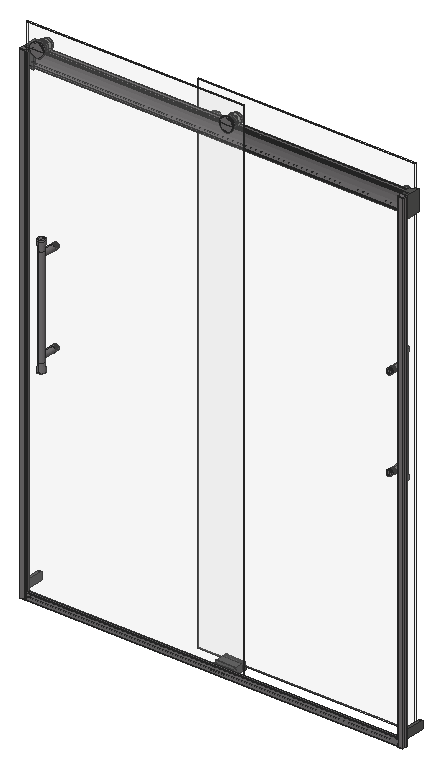
Revit family "Shower-Shower_Door-KOHLER-Elmbrook-K-706851_1", category Specialty Equipment, host Face, Revit 2022 (continued)
Definition of nested family "K-706851"
  Lines and regions (in)
    symbolic lines, detail levels medium+fine
      curve 83: line (21.32172, -0.99532, 70.33864) -> (21.32172, -0.99532, 70.20235)
      curve 84: arc (21.32172, 0.96769, 67.56532) -> (21.32172, 0.99225, 67.5755) -> (21.32172, 1.00242, 67.60005) r 0.03473
      curve 85: line (21.32172, 0.55561, 67.54408) -> (21.32172, -0.38624, 67.54408)
      curve 86: line (21.32172, -0.38624, 67.52408) -> (21.32172, 0.55561, 67.52408)
      curve 87: arc (21.32172, -0.40624, 67.56408) -> (21.32172, -0.41436, 67.57975) -> (21.32172, -0.43085, 67.58604) r 0.02478
      curve 88: arc (21.32172, -0.38624, 67.54408) -> (21.32172, -0.39973, 67.55059) -> (21.32172, -0.40624, 67.56408) r 0.02273
      curve 89: arc (21.32172, -0.42606, 67.56802) -> (21.32172, -0.41589, 67.53723) -> (21.32172, -0.38624, 67.52408) r 0.04001
      curve 90: arc (21.32172, 0.5756, 67.56534) -> (21.32172, 0.5702, 67.55039) -> (21.32172, 0.55561, 67.54408) r 0.02003
      curve 91: arc (21.32172, 0.55561, 67.52408) -> (21.32172, 0.58433, 67.53624) -> (21.32172, 0.5956, 67.56532) r 0.04001
      curve 92: arc (21.32172, 0.59023, 67.58001) -> (21.32172, 0.57962, 67.57596) -> (21.32172, 0.5756, 67.56534) r 0.01385
      curve 93: line (21.32172, -1.58386, 70.323) -> (21.32172, -1.01455, 70.323)
      curve 94: line (21.32172, -1.48412, 71.79193) -> (21.32172, -1.48412, 70.323)
      curve 95: line (21.32172, -1.52566, 71.79937) -> (21.32172, -1.52566, 70.323)
      curve 96: line (21.32172, -1.55821, 71.7823) -> (21.32172, -1.55821, 70.323)
      curve 97: line (21.32172, 1.67521, 69.65917) -> (21.32172, 1.67521, 67.65069)
      curve 98: line (21.32172, 1.63582, 67.65848) -> (21.32172, 1.63582, 69.6495)
      curve 99: line (21.32172, 1.74225, 67.68485) -> (21.32172, 1.74225, 69.62729)
      curve 100: line (21.32172, 1.1948, 1.05028) -> (21.32172, 1.18054, 0.23314)
      curve 101: line (21.32172, 0.81989, 0.20177) -> (21.32172, 0.77526, 1.05342)
      curve 102: line (21.32172, -0.34632, 1.05342) -> (21.32172, -0.39049, 0.2107)
      curve 103: line (21.32172, -0.75145, 0.23311) -> (21.32172, -0.75145, 1.05342)
      curve 104: line (21.32172, 1.08576, 0.14) -> (21.32172, 0.88499, 0.14)
      curve 105: line (21.32172, -0.46499, 0.14) -> (21.32172, -0.65833, 0.14)
      curve 106: arc (21.32172, 1.18054, 0.23314) -> (21.32172, 1.1522, 0.16718) -> (21.32172, 1.08576, 0.14) r 0.09479
      curve 107: arc (21.32172, 0.88499, 0.14) -> (21.32172, 0.84012, 0.1579) -> (21.32172, 0.81989, 0.20177) r 0.06518
      curve 108: arc (21.32172, -0.39049, 0.2107) -> (21.32172, -0.41364, 0.16049) -> (21.32172, -0.46499, 0.14) r 0.07461
      curve 109: arc (21.32172, -0.65833, 0.14) -> (21.32172, -0.72418, 0.16727) -> (21.32172, -0.75145, 0.23311) r 0.09311
      curve 110: line (21.32172, 1.20857, 1.05342) -> (21.32172, 1.19428, 0.23463)
      curve 111: line (21.32172, 1.08198, 0.12428) -> (21.32172, 0.88852, 0.12428)
      curve 112: line (21.32172, 0.76011, 1.05342) -> (21.32172, 0.80463, 0.20388)
      curve 113: arc (21.32172, 0.80463, 0.20388) -> (21.32172, 0.8307, 0.14735) -> (21.32172, 0.88852, 0.12428) r 0.084
      curve 114: arc (21.32172, 1.19428, 0.23463) -> (21.32172, 1.1607, 0.15648) -> (21.32172, 1.08198, 0.12428) r 0.11231
      curve 115: line (21.32172, -0.37445, 0.21128) -> (21.32172, -0.33032, 1.05342)
      curve 116: line (21.32172, -0.76728, 0.21473) -> (21.32172, -0.76728, 1.05342)
      curve 117: line (21.32172, -0.46613, 0.12428) -> (21.32172, -0.67523, 0.12428)
      curve 118: arc (21.32172, -0.46613, 0.12428) -> (21.32172, -0.40294, 0.14949) -> (21.32172, -0.37445, 0.21128) r 0.09181
      curve 119: arc (21.32172, -0.67523, 0.12428) -> (21.32172, -0.73976, 0.15068) -> (21.32172, -0.76728, 0.21473) r 0.09206
      curve 120: line (21.32172, 0.80074, 67.33907) -> (21.32172, 0.80074, 2.12738)
      curve 121: line (21.32172, -1.56685, 0.07744) -> (21.32172, -1.56685, 1.05342)
      curve 122: line (21.32172, -1.56685, 0.07744) -> (21.32172, -1.56685, 1.05342)
      curve 123: line (21.32172, -1.62219, 67.614) -> (21.32172, -1.62219, 2.12738)
      curve 124: line (21.32172, -1.65876, 0.078) -> (21.32172, -1.65876, 1.05342)
      curve 125: line (21.32172, -1.63542, 70.243) -> (21.32172, -1.63542, 2.12738)
      curve 126: line (21.32172, -1.59526, 0.07744) -> (21.32172, -1.59526, 1.05342)
      curve 127: line (21.32172, -1.6812, 70.243) -> (21.32172, -1.04278, 70.243)
      curve 128: line (21.32172, -1.04278, 70.243) -> (21.32172, -1.04278, 70.2916)
      curve 129: arc (21.32172, -1.04278, 70.2916) -> (21.32172, -1.05057, 70.31242) -> (21.32172, -1.07012, 70.323) r 0.0317
      curve 130: line (21.32172, -1.3456, 33.93903) -> (21.32172, -1.3456, 63.52097)
      curve 131: line (21.32172, -1.15719, 67.614) -> (21.32172, -1.15719, 2.12738)
      curve 132: line (21.32172, -1.17319, 67.614) -> (21.32172, -1.17319, 2.12738)
      curve 133: line (21.32172, -1.10219, 0.07744) -> (21.32172, -1.10219, 1.05342)
      curve 134: line (21.32172, -0.94532, 67.33907) -> (21.32172, -0.94532, 2.12738)
      curve 135: line (21.32172, -1.06562, 0.07744) -> (21.32172, -1.06562, 1.05342)
      curve 136: line (21.32172, -1.06562, 2.12738) -> (21.32172, -1.06562, 70.243)
      curve 137: line (21.32172, -0.94532, 1.05342) -> (21.32172, -0.94532, 0.161)
      curve 138: line (21.32172, -1.10219, 2.12738) -> (21.32172, -1.10219, 67.614)
      curve 139: line (21.32172, -1.15719, 1.05342) -> (21.32172, -1.15719, 0.07744)
      curve 140: line (21.32172, -1.17319, 1.05342) -> (21.32172, -1.17319, 0.07744)
      curve 141: line (21.32172, -1.56685, 2.12738) -> (21.32172, -1.56685, 67.614)
      curve 142: line (21.32172, -1.59526, 2.12738) -> (21.32172, -1.59528, 67.614)
      curve 143: line (21.32172, -1.62219, 1.05342) -> (21.32172, -1.62219, 0.07744)
      curve 144: line (21.32172, -1.63542, 1.05342) -> (21.32172, -1.63542, 0.078)
      curve 145: line (21.32172, -1.65876, 2.12738) -> (21.32172, -1.65876, 70.243)
      curve 146: line (21.32172, -1.56685, 0.07744) -> (21.32172, -0.88606, 0.07744)
      curve 147: line (21.32172, -0.87619, 0.06757) -> (21.32172, -0.87619, 0.008)
      curve 148: arc (21.32172, -0.88606, 0.07744) -> (21.32172, -0.87908, 0.07454) -> (21.32172, -0.87619, 0.06757) r 0.00987
      curve 149: arc (21.32172, -0.87619, 0.008) -> (21.32172, -0.87853, 0.00234) -> (21.32172, -0.88419, 0) r 0.008
      curve 150: line (21.32172, -1.37572, 0.07744) -> (21.32172, -1.37572, 67.614)
      curve 151: line (21.32172, -1.3456, 0.07744) -> (21.32172, -1.3456, 67.614)
      curve 152: arc (21.32172, -1.32275, 0.0527) -> (21.32172, -1.33837, 0.06401) -> (21.32172, -1.35223, 0.07744) r 0.13503
      curve 153: arc (21.32172, -1.39397, 0.07744) -> (21.32172, -1.4036, 0.06983) -> (21.32172, -1.41276, 0.06166) r 0.2047
      curve 154: arc (21.32172, -1.42332, 0.06086) -> (21.32172, -1.4419, 0.07115) -> (21.32172, -1.46219, 0.07744) r 0.10359
      curve 155: arc (21.32172, -1.51306, 0.05863) -> (21.32172, -1.49205, 0.03735) -> (21.32172, -1.47739, 0.01129) r 0.11254
      curve 156: arc (21.32172, -1.32244, 0.04711) -> (21.32172, -1.32114, 0.04998) -> (21.32172, -1.32275, 0.0527) r 0.00341
      curve 157: arc (21.32172, -1.344, 0.01145) -> (21.32172, -1.33649, 0.03126) -> (21.32172, -1.32244, 0.04711) r 0.05876
      curve 158: arc (21.32172, -1.3366, 0) -> (21.32172, -1.34257, 0.00426) -> (21.32172, -1.344, 0.01145) r 0.00995
      curve 159: arc (21.32172, -1.47739, 0.01129) -> (21.32172, -1.47815, 0.00372) -> (21.32172, -1.48478, 0) r 0.00824
      curve 160: arc (21.32172, -1.50931, 0.07744) -> (21.32172, -1.51701, 0.0692) -> (21.32172, -1.51306, 0.05863) r 0.01071
      curve 161: arc (21.32172, -1.41276, 0.06166) -> (21.32172, -1.4179, 0.05938) -> (21.32172, -1.42332, 0.06086) r 0.00839
      curve 162: line (21.32172, 0.77147, 0.82036) -> (21.32172, -0.34253, 0.82036)
      curve 163: line (21.32172, 1.20679, 0.82036) -> (21.32172, 1.38475, 0.82036)
      curve 164: line (21.32172, -1.62219, 0.9955) -> (21.32172, -1.10219, 0.9955)
      curve 165: line (21.32172, -0.81696, 0.04269) -> (21.32172, -0.44668, 0.00287)
      curve 166: line (21.32172, -1.06562, 0.161) -> (21.32172, -0.88352, 0.161)
      curve 167: line (21.32172, -0.85739, 0.13533) -> (21.32172, -0.85653, 0.08597)
      curve 168: arc (21.32172, -0.88352, 0.161) -> (21.32172, -0.8652, 0.15351) -> (21.32172, -0.85739, 0.13533) r 0.02613
      curve 169: arc (21.32172, -0.85653, 0.08597) -> (21.32172, -0.84493, 0.05685) -> (21.32172, -0.81696, 0.04269) r 0.04432
      curve 170: line (21.32172, -0.89756, 0.161) -> (21.32172, -0.89756, 0.10796)
      curve 171: line (21.32172, -0.89756, 0.10796) -> (21.32172, -0.92808, 0.07744)
      curve 172: line (21.32172, -0.89756, 0.10796) -> (21.32172, -1.06562, 0.10796)
      curve 173: line (21.32172, 3.55382, 46.54312) -> (21.32172, 2.6859, 46.54312)
      curve 174: line (21.32172, -2.50543, 46.54312) -> (21.32172, -3.37334, 46.54312)
      curve 175: line (21.32172, -2.41321, 47.83283) -> (21.32172, -3.46566, 47.83283)
      curve 176: line (21.32172, 3.63527, 47.83565) -> (21.32172, 2.59328, 47.83565)
      curve 177: line (21.32172, 2.6859, 32.35072) -> (21.32172, 3.55382, 32.35072)
      curve 178: line (21.32172, 3.63721, 31.08838) -> (21.32172, 2.59758, 31.08838)
      curve 179: line (21.32172, -2.41321, 31.06101) -> (21.32172, -3.46566, 31.06101)
      curve 180: line (21.32172, -3.37334, 32.35072) -> (21.32172, -2.50543, 32.35072)
      curve 181: line (21.32172, -1.62219, 70.12659) -> (21.32172, 0.95368, 70.12659)
      curve 182: line (21.32172, 0.95368, 67.614) -> (21.32172, 0.95368, 70.12659)
      curve 183: line (21.32172, 0.88468, 70.12659) -> (21.32172, 0.88468, 67.614)
      curve 184: line (21.32172, 0.85268, 70.12659) -> (21.32172, 0.85268, 67.614)
      curve 185: line (21.32172, 0.62568, 67.614) -> (21.32172, 0.62568, 70.12659)
      curve 186: line (21.32172, 0.58168, 70.12659) -> (21.32172, 0.58168, 67.614)
      curve 187: line (21.32172, 0.60968, 70.12659) -> (21.32172, 0.60968, 67.614)
      curve 188: line (21.32172, 0.56568, 70.12659) -> (21.32172, 0.56568, 67.614)
      curve 189: line (21.32172, 0.86868, 70.12659) -> (21.32172, 0.86868, 67.614)
      curve 190: line (21.32172, 0.93768, 70.12659) -> (21.32172, 0.93768, 67.614)
      curve 191: line (21.32172, 0.54968, 70.12659) -> (21.32172, 0.54968, 67.614)
      curve 192: line (21.32172, 0.64168, 70.12659) -> (21.32172, 0.64168, 67.614)
      curve 193: line (21.32172, -0.65532, 67.614) -> (21.32172, -0.65532, 70.12659)
      curve 194: line (21.32172, -0.69932, 70.12659) -> (21.32172, -0.69932, 67.614)
      curve 195: line (21.32172, -0.67132, 70.12659) -> (21.32172, -0.67132, 67.614)
      curve 196: line (21.32172, -0.71532, 70.12659) -> (21.32172, -0.71532, 67.614)
      curve 197: line (21.32172, -0.73132, 70.12659) -> (21.32172, -0.73132, 67.614)
      curve 198: line (21.32172, -0.95219, 67.614) -> (21.32172, -0.95219, 70.12659)
      curve 199: line (21.32172, -0.96819, 70.12659) -> (21.32172, -0.96819, 67.614)
      curve 200: line (21.32172, -0.93619, 70.12659) -> (21.32172, -0.93619, 67.614)
      curve 201: circle (21.32172, 0.21964, 69.35388) r 0.13429 normal (1, 0, 0)
      curve 202: circle (21.32172, -0.30778, 69.35388) r 0.13429 normal (1, 0, 0)
      curve 203: circle (21.32172, 0.21964, 68.40048) r 0.13429 normal (1, 0, 0)
      curve 204: circle (21.32172, -0.30778, 68.40048) r 0.13429 normal (1, 0, 0)
      curve 205: line (21.32172, -1.62219, 70.12659) -> (21.32172, -1.62219, 67.614)
      curve 206: line (21.32172, -1.59558, 70.12659) -> (21.32172, -1.59559, 67.614)
      curve 207: line (21.32172, -1.58123, 70.12659) -> (21.32172, -1.58126, 67.614)
      curve 208: line (21.32172, -1.52319, 70.12659) -> (21.32172, -1.52319, 69.39)
      curve 209: line (21.32172, -1.50719, 67.614) -> (21.32172, -1.50719, 70.12659)
      curve 210: line (21.32172, -1.21719, 70.12659) -> (21.32172, -1.21719, 67.614)
      curve 211: line (21.32172, -1.20119, 70.12659) -> (21.32172, -1.20119, 69.39)
      curve 212: line (21.32172, -1.24079, 70.12659) -> (21.32172, -1.24079, 66.14)
      curve 213: line (21.32172, -1.48379, 70.12659) -> (21.32172, -1.48379, 66.14)
      curve 214: line (21.32172, -1.52319, 69.3275) -> (21.32172, -1.52319, 67.614)
      curve 215: line (21.32172, -1.20119, 69.3275) -> (21.32172, -1.20119, 67.614)
      curve 216: line (21.32172, -1.15719, 69.3275) -> (21.32172, -1.15719, 69.39)
      curve 217: line (21.32172, -1.50719, 69.39) -> (21.32172, -1.56719, 69.39)
      curve 218: line (21.32172, -1.15719, 69.39) -> (21.32172, -1.21719, 69.39)
      curve 219: line (21.32172, -1.21719, 69.3275) -> (21.32172, -1.15719, 69.3275)
      curve 220: line (21.32172, -1.56719, 69.3275) -> (21.32172, -1.50719, 69.3275)
      curve 221: line (21.32172, -1.56719, 69.39) -> (21.32172, -1.56719, 69.3275)
      curve 222: line (21.32172, 0.5956, 67.56532) -> (21.32172, 0.57519, 67.56532)
      curve 223: line (21.32172, 0.55561, 67.54408) -> (21.32172, 0.55561, 67.52452)
      curve 224: line (21.32172, 0.5956, 67.56532) -> (21.32172, 0.5956, 67.58003)
      curve 225: line (21.32172, -0.42606, 67.56802) -> (21.32172, -0.42606, 67.58557)
      curve 226: line (21.32172, -0.42606, 67.56802) -> (21.32172, -0.40702, 67.56802)
      curve 227: line (21.32172, -0.38624, 67.54408) -> (21.32172, -0.38624, 67.52419)
      curve 228: line (21.32172, 0.98003, 67.60665) -> (21.32172, 1.00242, 67.60665)
      curve 229: line (21.32172, 0.95473, 67.58127) -> (21.32172, 0.95473, 67.56532)
      curve 230: line (21.32172, 0.96056, 70.20352) -> (21.32172, 0.96056, 70.22392)
      curve 231: line (21.32172, 0.98003, 70.18406) -> (21.32172, 1.00242, 70.18406)
      curve 232: line (21.32172, -1.08896, 70.12659) -> (21.32172, -1.08896, 70.243)
      curve 233: line (21.32172, -1.14219, 70.243) -> (21.32172, -1.14219, 70.12659)
      curve 234: line (21.32172, -1.18345, 70.22796) -> (21.32172, -1.18345, 70.12659)
      curve 235: line (21.32172, -1.34076, 70.12659) -> (21.32172, -1.33703, 70.23335)
      curve 236: line (21.32172, -1.38735, 70.23335) -> (21.32172, -1.38363, 70.12659)
      curve 237: line (21.32172, -1.54093, 70.12659) -> (21.32172, -1.54093, 70.23152)
      curve 238: line (21.32172, -1.37563, 70.12659) -> (21.32172, -1.37936, 70.23335)
      curve 239: line (21.32172, -1.34875, 70.12659) -> (21.32172, -1.34502, 70.23335)
      curve 240: line (21.32172, -1.5522, 70.12659) -> (21.32172, -1.55266, 70.23335)
      curve 241: line (21.32172, -1.17218, 70.12659) -> (21.32172, -1.17172, 70.23335)
      curve 242: line (21.32172, -1.59819, 70.12659) -> (21.32172, -1.59819, 70.243)
      curve 243: line (21.32172, -1.60656, 70.243) -> (21.32172, -1.60656, 70.12659)
      curve 244: arc (21.32172, -1.34502, 70.23335) -> (21.32172, -1.34382, 70.23859) -> (21.32172, -1.34074, 70.243) r 0.01414
      curve 245: arc (21.32172, -1.37936, 70.23335) -> (21.32172, -1.38092, 70.23885) -> (21.32172, -1.38487, 70.243) r 0.01195
      curve 246: arc (21.32172, -1.55266, 70.23335) -> (21.32172, -1.55152, 70.23866) -> (21.32172, -1.54825, 70.243) r 0.01266
      curve 247: arc (21.32172, -1.17172, 70.23335) -> (21.32172, -1.17324, 70.23896) -> (21.32172, -1.17742, 70.243) r 0.01094
      curve 248: arc (21.32172, -1.39236, 70.243) -> (21.32172, -1.38877, 70.23874) -> (21.32172, -1.38735, 70.23335) r 0.01266
      curve 249: arc (21.32172, -1.33703, 70.23335) -> (21.32172, -1.33562, 70.23873) -> (21.32172, -1.33204, 70.243) r 0.0127
      curve 250: arc (21.32172, -1.18523, 70.243) -> (21.32172, -1.1839, 70.23553) -> (21.32172, -1.18345, 70.22796) r 0.06427
      curve 251: arc (21.32172, -1.54093, 70.23152) -> (21.32172, -1.53935, 70.23799) -> (21.32172, -1.53497, 70.243) r 0.01402
      curve 252: line (21.32172, -1.56682, 70.12659) -> (21.32172, -1.57208, 70.23335)
      curve 253: line (21.32172, -1.15756, 70.12659) -> (21.32172, -1.15231, 70.23335)
      curve 254: line (21.32172, -1.58219, 70.12659) -> (21.32172, -1.58219, 70.243)
      curve 255: arc (21.32172, -1.57208, 70.23335) -> (21.32172, -1.57521, 70.24019) -> (21.32172, -1.58219, 70.243) r 0.01015
      curve 256: arc (21.32172, -1.15231, 70.23335) -> (21.32172, -1.14917, 70.24019) -> (21.32172, -1.14219, 70.243) r 0.01015
      curve 257: line (21.32172, -1.53414, 70.2825) -> (21.32172, -1.19024, 70.2825)
      curve 258: line (21.32172, -1.19024, 70.2825) -> (21.32172, -1.18328, 70.243)
      curve 259: line (21.32172, -1.53414, 70.2825) -> (21.32172, -1.53969, 70.243)
      curve 260: line (21.32172, 0.75074, 33.33003) -> (21.32172, 0.75074, 32.57429)
      curve 261: line (21.32172, 0.73622, 33.34456) -> (21.32172, 0.51687, 33.34456)
      curve 262: line (21.32172, 0.73361, 32.55716) -> (21.32172, 0.51565, 32.55716)
      curve 263: line (21.32172, 0.50108, 33.32877) -> (21.32172, 0.50108, 32.57173)
      curve 264: line (21.32172, 0.75074, 33.2968) -> (21.32172, 0.80074, 33.2968)
      curve 265: line (21.32172, 0.75074, 32.61132) -> (21.32172, 0.80074, 32.61132)
      curve 266: arc (21.32172, 0.51687, 33.34456) -> (21.32172, 0.50571, 33.33993) -> (21.32172, 0.50108, 33.32877) r 0.01579
      curve 267: arc (21.32172, 0.51565, 32.55716) -> (21.32172, 0.50535, 32.56143) -> (21.32172, 0.50108, 32.57173) r 0.01457
      curve 268: arc (21.32172, 0.75074, 32.57429) -> (21.32172, 0.74572, 32.56218) -> (21.32172, 0.73361, 32.55716) r 0.01713
      curve 269: arc (21.32172, 0.75074, 33.33003) -> (21.32172, 0.74649, 33.34031) -> (21.32172, 0.73622, 33.34456) r 0.01453
      curve 270: line (21.32172, 0.73622, 33.34456) -> (21.32172, 0.73622, 32.55736)
      curve 271: line (21.32172, 0.51565, 32.55716) -> (21.32172, 0.51565, 33.34451)
      curve 272: line (21.32172, -0.58257, 33.33003) -> (21.32172, -0.58257, 32.57429)
      curve 273: line (21.32172, -0.56804, 33.34456) -> (21.32172, -0.34408, 33.34456)
      curve 274: line (21.32172, -0.56543, 32.55716) -> (21.32172, -0.34287, 32.55716)
      curve 275: line (21.32172, -0.32829, 33.32877) -> (21.32172, -0.32829, 32.57173)
      curve 276: line (21.32172, -0.58257, 33.2968) -> (21.32172, -0.63332, 33.2968)
      curve 277: line (21.32172, -0.58257, 32.61132) -> (21.32172, -0.63332, 32.61132)
      curve 278: arc (21.32172, -0.34408, 33.34456) -> (21.32172, -0.33292, 33.33993) -> (21.32172, -0.32829, 33.32877) r 0.01579
      curve 279: arc (21.32172, -0.58257, 32.57429) -> (21.32172, -0.57755, 32.56218) -> (21.32172, -0.56543, 32.55716) r 0.01713
      curve 280: line (21.32172, -0.56804, 33.34456) -> (21.32172, -0.56804, 32.55736)
      curve 281: line (21.32172, -0.34287, 32.55716) -> (21.32172, -0.34287, 33.34451)
      curve 282: line (21.32172, -0.63332, 67.33907) -> (21.32172, -0.63332, 2.12738)
      curve 283: line (21.32172, -1.17319, 66.14) -> (21.32172, -1.56685, 66.14)
      curve 284: arc (21.32172, -0.56804, 33.34456) -> (21.32172, -0.57831, 33.34031) -> (21.32172, -0.58257, 33.33003) r 0.01453
      curve 285: arc (21.32172, -0.32829, 32.57173) -> (21.32172, -0.33256, 32.56143) -> (21.32172, -0.34287, 32.55716) r 0.01457
      curve 286: line (21.32172, -0.94532, 32.61132) -> (21.32172, -1.06562, 32.61132)
      curve 287: line (21.32172, -0.94532, 33.2968) -> (21.32172, -1.06562, 33.2968)
      curve 288: line (21.32172, 0.80074, 46.28688) -> (21.32172, 0.51909, 46.28688)
      curve 289: line (21.32172, 0.50108, 46.26887) -> (21.32172, 0.50108, 45.59743)
      curve 290: line (21.32172, 0.52098, 45.57753) -> (21.32172, 0.80074, 45.57753)
      curve 291: arc (21.32172, 0.51909, 46.28688) -> (21.32172, 0.50635, 46.28161) -> (21.32172, 0.50108, 46.26887) r 0.01801
      curve 292: arc (21.32172, 0.50108, 45.59743) -> (21.32172, 0.50691, 45.58336) -> (21.32172, 0.52098, 45.57753) r 0.0199
      curve 293: line (21.32172, 0.52098, 45.57753) -> (21.32172, 0.52098, 46.28688)
      curve 294: line (21.32172, -0.63332, 46.28688) -> (21.32172, -0.35146, 46.28688)
      curve 295: line (21.32172, -0.3273, 46.26887) -> (21.32172, -0.3273, 45.59743)
      curve 296: line (21.32172, -0.35335, 45.57753) -> (21.32172, -0.63332, 45.57753)
      curve 297: line (21.32172, -0.35335, 45.57753) -> (21.32172, -0.35335, 46.28688)
      curve 298: arc (21.32172, -0.35335, 46.28688) -> (21.32172, -0.3356, 46.28471) -> (21.32172, -0.3273, 46.26887) r 0.01925
      curve 299: arc (21.32172, -0.3273, 45.59743) -> (21.32172, -0.3354, 45.58104) -> (21.32172, -0.35335, 45.57753) r 0.02062
      curve 300: line (-27.6849, 0, 46.44803) -> (-26.81761, 0, 46.44803)
      curve 301: line (-27.77423, 0, 47.85225) -> (-26.78998, 0, 47.85225)
      curve 302: line (-27.6849, 0, 32.6685) -> (-26.81761, 0, 32.6685)
      curve 303: line (-27.76966, 0, 31.11673) -> (-26.78541, 0, 31.11673)
      curve 304: line (-31.01985, 1.80222, 0) -> (-31.01985, 1.00485, 0)
      curve 305: line (-31.01985, 1.48228, 0) -> (-31.32077, 1.50861, 0)
      curve 306: line (-31.01985, 1.48228, 0) -> (-30.9672, 1.48228, 0)
      curve 307: line (-31.30428, 1.03488, 0) -> (-31.04988, 1.03488, 0)
      curve 308: line (-31.01985, 1.00485, 0) -> (-31.01985, 0.69268, 0)
      curve 309: line (-30.93142, 0.66026, 0) -> (-30.98743, 0.66026, 0)
      curve 310: arc (-31.04988, 1.03488, 0) -> (-31.02865, 1.02609, 0) -> (-31.01985, 1.00485, 0) r 0.03003
      curve 311: arc (-31.01985, 0.69268, 0) -> (-31.01036, 0.66975, 0) -> (-30.98743, 0.66026, 0) r 0.03242
      curve 312: line (-31.04481, 1.02307, 0) -> (-31.32077, 1.02307, 0)
      curve 313: line (-31.03166, 0.69268, 0) -> (-31.03166, 1.00993, 0)
      curve 314: arc (-30.98743, 0.64845, 0) -> (-31.01871, 0.6614, 0) -> (-31.03166, 0.69268, 0) r 0.04423
      curve 315: line (-30.36371, 0.63853, 0) -> (-30.93153, 0.64845, 0)
      curve 316: line (-30.93153, 0.64845, 0) -> (-30.98743, 0.64845, 0)
      curve 317: arc (-30.34147, 0.61591, 0) -> (-30.34796, 0.63177, 0) -> (-30.36371, 0.63853, 0) r 0.02263
      curve 318: arc (-31.03166, 1.00993, 0) -> (-31.03551, 1.01922, 0) -> (-31.04481, 1.02307, 0) r 0.01315
      curve 319: arc (-31.32077, 1.02307, 0) -> (-31.31442, 1.03163, 0) -> (-31.30428, 1.03488, 0) r 0.01742
      curve 320: line (-31.30428, 1.03488, 0) -> (-31.30428, -1.0142, 0)
      curve 321: line (-30.32966, 0.54823, 0) -> (-30.32966, -0.38977, 0)
      curve 322: line (-30.97907, -0.4768, 0) -> (-30.36805, -0.46613, 0)
      curve 323: arc (-30.36805, -0.46613, 0) -> (-30.34923, -0.45805, 0) -> (-30.34147, -0.43909, 0) r 0.02705
      curve 324: line (-31.00564, -0.98895, 0) -> (-31.00564, -0.52003, 0)
      curve 325: line (-30.34147, -0.43909, 0) -> (-30.34147, 0.61591, 0)
      curve 326: line (-30.69184, -1.08361, 0) -> (-31.32185, -1.08361, 0)
      curve 327: line (-30.68608, -1.04364, 0) -> (-31.3232, -1.04364, 0)
      curve 328: line (-30.59206, -1.54538, 0) -> (-30.59206, -1.18339, 0)
      curve 329: line (-30.68745, -1.64077, 0) -> (-31.32185, -1.64077, 0)
      curve 330: line (-30.54403, -1.57642, 0) -> (-30.54403, -1.18569, 0)
      curve 331: arc (-30.54403, -1.18569, 0) -> (-30.58564, -1.08524, 0) -> (-30.68608, -1.04364, 0) r 0.14205
      curve 332: arc (-30.59206, -1.18339, 0) -> (-30.62129, -1.11284, 0) -> (-30.69184, -1.08361, 0) r 0.09978
      curve 333: arc (-30.68745, -1.64077, 0) -> (-30.62, -1.61283, 0) -> (-30.59206, -1.54538, 0) r 0.09539
      curve 334: line (-30.69184, -1.08361, 0) -> (-30.69184, -1.04364, 0)
      curve 335: line (-30.59206, -1.18339, 0) -> (-30.54405, -1.18339, 0)
      curve 336: line (-30.59206, -1.54538, 0) -> (-30.54403, -1.54538, 0)
      curve 337: line (-30.68745, -1.64077, 0) -> (-30.68745, -1.6723, 0)
      curve 338: line (-30.54403, -1.51719, 0) -> (-30.02044, -1.51719, 0)
      curve 339: line (-30.54406, -1.18319, 0) -> (-29.77247, -1.18319, 0)
      curve 340: line (-31.30429, -1.01496, 0) -> (-31.02644, -1.01011, 0)
      curve 341: line (-31.32101, -0.99639, 0) -> (-31.03366, -0.99639, 0)
      curve 342: arc (-31.02644, -1.01011, 0) -> (-31.01171, -1.00378, 0) -> (-31.00564, -0.98895, 0) r 0.02117
      curve 343: line (-30.93152, -0.48778, 0) -> (-30.97339, -0.48778, 0)
      curve 344: arc (-30.97339, -0.48778, 0) -> (-30.9962, -0.49723, 0) -> (-31.00564, -0.52003, 0) r 0.03225
      curve 345: line (-31.01745, -0.9799, 0) -> (-31.01745, -0.51586, 0)
      curve 346: arc (-31.32101, -0.99639, 0) -> (-31.31688, -1.00949, 0) -> (-31.30429, -1.01496, 0) r 0.01655
      curve 347: arc (-31.03366, -0.99639, 0) -> (-31.02218, -0.99146, 0) -> (-31.01745, -0.9799, 0) r 0.01649
      curve 348: line (-31.03366, -0.99639, 0) -> (-31.03366, -1.01024, 0)
      curve 349: line (-31.01745, -0.9799, 0) -> (-31.00564, -0.9799, 0)
      curve 350: arc (-31.01745, -0.51586, 0) -> (-31.00625, -0.48848, 0) -> (-30.97907, -0.4768, 0) r 0.03907
      curve 351: line (-30.97907, -0.4768, 0) -> (-30.97907, -0.48829, 0)
      curve 352: line (-31.00564, -0.52003, 0) -> (-31.01745, -0.52003, 0)
      curve 353: line (-30.96572, -0.94532, 0) -> (-0.0685, -0.94532, 0)
      curve 354: arc (-30.96528, -0.63332, 0) -> (-31.00606, -0.78926, 0) -> (-30.96572, -0.94532, 0) r 0.32026
      curve 355: arc (-29.70602, -0.94532, 0) -> (-29.80124, -1.24035, 0) -> (-30.00098, -1.47744, 0) r 0.80417
      curve 356: arc (-28.31098, -0.94532, 0) -> (-28.21604, -1.24051, 0) -> (-28.01602, -1.47744, 0) r 0.80015
      curve 357: arc (-28.01602, -1.47744, 0) -> (-27.99628, -1.52474, 0) -> (-28.02551, -1.56685, 0) r 0.05336
      curve 358: arc (-30.00098, -1.47744, 0) -> (-30.01977, -1.52637, 0) -> (-29.98648, -1.56685, 0) r 0.05206
      curve 359: line (-30.00098, -1.47744, 0) -> (-29.06439, -1.47744, 0)
      curve 360: line (-28.24487, -1.18319, 0) -> (-27.65094, -1.18319, 0)
      curve 361: line (-29.7873, -1.21407, 0) -> (-30.54403, -1.21407, 0)
      curve 362: line (-29.06439, -1.47744, 0) -> (-28.01602, -1.47744, 0)
      curve 363: line (-27.99602, -1.51719, 0) -> (-27.65094, -1.51719, 0)
      curve 364: line (-27.65094, -1.56685, 0) -> (-27.65094, -0.98668, 0)
      curve 365: line (-26.86354, -1.5712, 0) -> (-26.86354, -0.98668, 0)
      curve 366: line (-26.86354, -1.18319, 0) -> (22.55906, -1.18319, 0)
      curve 367: line (-27.65094, -1.21407, 0) -> (-28.23006, -1.21407, 0)
      curve 368: line (-26.86354, -1.51719, 0) -> (22.55906, -1.51719, 0)
      curve 369: arc (-27.65094, -2.60615, 0) -> (-27.25724, -2.41182, 0) -> (-26.86354, -2.60615, 0) r 0.49597
      curve 370: circle (-27.25724, -2.94555, 0) r 0.45004 normal (0, 0, 1)
      curve 371: line (-27.65094, -0.98668, 0) -> (-26.86354, -0.98668, 0)
      curve 372: arc (-27.62853, -0.94532, 0) -> (-27.64921, -0.966, 0) -> (-27.62853, -0.98668, 0) r 0.02068
      curve 373: arc (-26.88457, -0.94532, 0) -> (-26.87232, -0.966, 0) -> (-26.88457, -0.98668, 0) r 0.02359
      curve 374: line (-27.6421, -0.95039, 0) -> (-26.87822, -0.95039, 0)
      curve 375: line (-26.87622, -0.979, 0) -> (-27.64462, -0.979, 0)
      curve 376: line (-29.73268, -0.63332, 0) -> (-28.27704, -0.63332, 0)
      curve 377: line (-28.45498, -0.43332, 0) -> (-29.55671, -0.43332, 0)
      curve 378: line (-28.47523, -0.34922, 0) -> (-29.53654, -0.34922, 0)
      curve 379: line (-28.25942, -0.30001, 0) -> (-29.75187, -0.30001, 0)
      curve 380: line (-29.75187, 0.07401, 0) -> (-28.25942, 0.07401, 0)
      curve 381: arc (-29.75187, 0.07401, 0) -> (-29.8184, -0.113, 0) -> (-29.75187, -0.30001, 0) r 0.29608
      curve 382: arc (-28.25942, 0.07401, 0) -> (-28.18668, -0.113, 0) -> (-28.25942, -0.30001, 0) r 0.27678
      curve 383: line (-29.55671, -0.38977, 0) -> (-29.55671, -0.3694, 0)
      curve 384: line (-28.45498, -0.38977, 0) -> (-28.45498, -0.36947, 0)
      curve 385: arc (-29.53654, -0.34922, 0) -> (-29.5508, -0.35513, 0) -> (-29.55671, -0.3694, 0) r 0.02018
      curve 386: arc (-28.45498, -0.36947, 0) -> (-28.46091, -0.35515, 0) -> (-28.47523, -0.34922, 0) r 0.02025
      curve 387: line (-29.55671, -0.3694, 0) -> (-28.45498, -0.3694, 0)
      curve 388: line (-28.73348, -0.34922, 0) -> (-28.73348, -0.30001, 0)
      curve 389: line (-29.27145, -0.34922, 0) -> (-29.27145, -0.30001, 0)
      curve 390: line (-29.73268, 0.1325, 0) -> (-29.73268, 0.39443, 0)
      curve 391: line (-29.73268, 0.39443, 0) -> (-29.68762, 0.4395, 0)
      curve 392: line (-29.68762, 0.4395, 0) -> (-28.98353, 0.4395, 0)
      curve 393: line (-29.21564, 0.07401, 0) -> (-29.21564, 0.1325, 0)
      curve 394: line (-29.21564, 0.1325, 0) -> (-29.73268, 0.1325, 0)
      curve 395: line (-29.73268, 0.39443, 0) -> (-28.98353, 0.39443, 0)
      curve 396: line (-29.21564, 0.1325, 0) -> (-28.98353, 0.1325, 0)
      curve 397: line (-28.23438, 0.1325, 0) -> (-28.23438, 0.39443, 0)
      curve 398: line (-28.23438, 0.39443, 0) -> (-28.27944, 0.4395, 0)
      curve 399: line (-28.27944, 0.4395, 0) -> (-28.98353, 0.4395, 0)
      curve 400: line (-28.75142, 0.07401, 0) -> (-28.75142, 0.1325, 0)
      curve 401: line (-28.75142, 0.1325, 0) -> (-28.23438, 0.1325, 0)
      curve 402: line (-28.23438, 0.39443, 0) -> (-28.98353, 0.39443, 0)
      curve 403: line (-28.75142, 0.1325, 0) -> (-28.98353, 0.1325, 0)
      curve 404: line (-31.04481, 1.02307, 0) -> (-31.04481, 1.03445, 0)
      curve 405: line (-31.03166, 1.00993, 0) -> (-31.01985, 1.00993, 0)
      curve 406: line (-31.01985, 0.69268, 0) -> (-31.03166, 0.69268, 0)
      curve 407: line (-30.98743, 0.66026, 0) -> (-30.98743, 0.64845, 0)
      curve 408: line (-30.36371, 0.63853, 0) -> (-30.36371, 0.65066, 0)
      curve 409: line (-30.34147, 0.61591, 0) -> (-30.32903, 0.61591, 0)
      curve 410: line (-30.32966, 0.33168, 0) -> (-29.73268, 0.33168, 0)
      curve 411: line (22.33104, -0.06732, 0) -> (-1.17605, -0.06732, 0)
      curve 412: line (22.33104, 0.08168, 0) -> (-1.62745, 0.08168, 0)
      curve 413: line (22.33104, -0.12428, 0) -> (-1.17245, -0.12428, 0)
      curve 414: line (22.33104, -0.3193, 0) -> (-1.75443, -0.3193, 0)
      curve 415: line (-28.23438, 0.33168, 0) -> (-16.54064, 0.33168, 0)
      curve 416: line (-29.21564, 0.08168, 0) -> (-30.32966, 0.08168, 0)
      curve 417: line (-29.81485, -0.06732, 0) -> (-30.32966, -0.06732, 0)
      curve 418: line (-29.81818, -0.12428, 0) -> (-30.32966, -0.12428, 0)
      curve 419: line (-29.27145, -0.3193, 0) -> (-30.32966, -0.3193, 0)
      curve 420: line (-27.63938, -0.38977, 0) -> (-26.85198, -0.38977, 0)
      curve 421: line (-27.63938, -0.63332, 0) -> (-26.85198, -0.63332, 0)
      curve 422: line (-27.63938, -0.58332, 0) -> (-26.8521, -0.58332, 0)
      curve 423: line (-15.45664, 0.33168, 0) -> (-2.73064, 0.33168, 0)
      curve 424: arc (-16.54064, 0.33168, 0) -> (-15.99864, 0.48177, 0) -> (-15.45664, 0.33168, 0) r 1.05372
      curve 425: line (-2.68179, 0.4395, 0) -> (-1.316, 0.4395, 0)
      curve 426: line (-2.73064, 0.1325, 0) -> (-1.26714, 0.1325, 0)
      curve 427: line (-2.73064, 0.1325, 0) -> (-2.73064, 0.39064, 0)
      curve 428: line (-2.75187, 0.07401, 0) -> (-1.24592, 0.07401, 0)
      curve 429: line (-1.24592, -0.30001, 0) -> (-2.75187, -0.30001, 0)
      curve 430: line (-1.47278, -0.34922, 0) -> (-2.53039, -0.34922, 0)
      curve 431: arc (-2.75187, 0.07401, 0) -> (-2.82557, -0.113, 0) -> (-2.75187, -0.30001, 0) r 0.2741
      curve 432: line (-2.68179, 0.4395, 0) -> (-2.73064, 0.39064, 0)
      curve 433: line (-2.73064, 0.39064, 0) -> (-1.99889, 0.39064, 0)
      curve 434: line (-2.37033, 0.1325, 0) -> (-2.37033, 0.07401, 0)
      curve 435: line (-2.55882, -0.43332, 0) -> (-2.55882, -0.37765, 0)
      curve 436: line (-2.55882, -0.43332, 0) -> (-2.73635, -0.43332, 0)
      curve 437: line (-2.73635, -0.43332, 0) -> (-2.73635, -0.63332, 0)
      curve 438: line (-2.55882, -0.43332, 0) -> (-1.4534, -0.43332, 0)
      curve 439: arc (-2.53039, -0.34922, 0) -> (-2.55049, -0.35755, 0) -> (-2.55882, -0.37765, 0) r 0.02843
      curve 440: line (-1.4534, -0.38977, 0) -> (-1.4534, -0.3686, 0)
      curve 441: arc (-1.4534, -0.3686, 0) -> (-1.45908, -0.3549, 0) -> (-1.47278, -0.34922, 0) r 0.01938
      curve 442: line (-1.4534, -0.3686, 0) -> (-2.55734, -0.3686, 0)
      curve 443: arc (-0.0685, -0.94532, 0) -> (-0.02137, -0.88205, 0) -> (-0.0005, -0.80597, 0) r 0.21309
      curve 444: line (-1.26714, 0.33168, 0) -> (22.33104, 0.33168, 0)
      curve 445: line (-2.37033, 0.08168, 0) -> (-28.75142, 0.08168, 0)
      curve 446: line (-2.82174, -0.06732, 0) -> (-28.19048, -0.06732, 0)
      curve 447: line (-2.82534, -0.12428, 0) -> (-28.18691, -0.12428, 0)
      curve 448: line (-2.24336, -0.34922, 0) -> (-2.24336, -0.30001, 0)
      curve 449: line (-1.75443, -0.34922, 0) -> (-1.75443, -0.30001, 0)
      curve 450: line (-2.24336, -0.3193, 0) -> (-28.73348, -0.3193, 0)
      curve 451: arc (-1.24592, 0.07401, 0) -> (-1.17221, -0.113, 0) -> (-1.24592, -0.30001, 0) r 0.2741
      curve 452: line (-1.26714, 0.39064, 0) -> (-1.99889, 0.39064, 0)
      curve 453: line (-1.316, 0.4395, 0) -> (-1.26714, 0.39064, 0)
      curve 454: line (-1.26714, 0.1325, 0) -> (-1.26714, 0.39064, 0)
      curve 455: line (-1.62745, 0.1325, 0) -> (-1.62745, 0.07401, 0)
      curve 456: line (22.55906, -1.21407, 0) -> (-26.86354, -1.21407, 0)
      curve 457: line (22.96781, -0.87619, 0) -> (-0.01863, -0.87619, 0)
      curve 458: line (22.96781, -0.89219, 0) -> (-0.02667, -0.89219, 0)
      curve 459: arc (19.18285, 2.69448, 0) -> (19.57655, 2.53012, 0) -> (19.97025, 2.69448, 0) r 0.55371
      curve 460: line (19.22412, 1.11274, 0) -> (19.93013, 1.11274, 0)
      curve 461: line (19.22037, 0.80074, 0) -> (19.93262, 0.80074, 0)
      curve 462: line (20.61296, 0.80074, 0) -> (22.03048, 0.80074, 0)
      curve 463: line (20.79059, 0.60883, 0) -> (21.85285, 0.60883, 0)
      curve 464: line (22.30105, 1.62213, 0) -> (20.353, 1.62213, 0)
      curve 465: line (20.61296, 1.11274, 0) -> (22.03048, 1.11274, 0)
      curve 466: line (22.96781, -1.03718, 0) -> (22.55906, -1.03718, 0)
      curve 467: line (22.55906, -1.03718, 0) -> (22.55906, -1.5712, 0)
      curve 468: line (0, 0.54823, 0) -> (-4.39634, 0.54823, 0)
      curve 469: line (-1.21182, -0.63332, 0) -> (-4.49155, -0.63332, 0)
      curve 470: line (-5.45186, 0.6055, 0) -> (-6.53841, 0.6055, 0)
      curve 471: line (-5.2757, 0.80074, 0) -> (-6.71457, 0.80074, 0)
      curve 472: line (-5.29778, 1.11274, 0) -> (-6.67778, 1.11274, 0)
      curve 473: line (-5.01401, 1.6368, 0) -> (-6.98901, 1.6368, 0)
      curve 474: line (-4.39634, 1.03488, 0) -> (-1.66691, 1.03488, 0)
      curve 475: line (-4.39634, 0.80074, 0) -> (-1.66691, 0.80074, 0)
      curve 476: line (-4.49155, -0.38977, 0) -> (-4.49155, -0.3193, 0)
      curve 477: line (-6.99185, 1.69364, 0) -> (-5.02143, 1.69364, 0)
      curve 478: line (-5.07654, 1.74875, 0) -> (-6.91315, 1.74875, 0)
      curve 479: line (22.96781, 1.11274, 0) -> (22.96781, 0.80074, 0)
      curve 480: line (19.18285, 0.76322, 0) -> (19.97025, 0.76322, 0)
      curve 481: line (19.18285, 1.15401, 0) -> (19.97024, 1.15401, 0)
      curve 482: line (20.33025, 1.66449, 0) -> (22.3102, 1.66449, 0)
      curve 483: line (22.26333, 1.74567, 0) -> (20.38709, 1.74567, 0)
      curve 484: line (22.55906, 0, 70.33864) -> (22.55906, 0, 67.35303)
  Dimensions and locks (in)
    locked: plane 10 "D" to plane 14 at 30.95895
    "Walk Through": plane 3 "Center (Left/Right)" to plane 17
    locked: plane 17 to plane 6 at 0.7605
    locked: plane 17 to plane 14 at 0.40876
    locked: plane 10 "D" to plane 11 "C" at 1.996
    locked: plane 13 "A" to plane 17 at 1.23734
    locked: plane 15 "E" to plane 13 "A" at 1.74516
    locked: plane 5 to plane 3 "Center (Left/Right)" at 31.32077
    plane 5 to plane 6 = 54.64032"
    plane 18 to level = 73.53554"
    locked: plane 19 to plane 20 at 16.91528
    plane 20 to level = 30.99181"
    plane 22 to level = 67.58059"
    locked: plane 18 to plane 21 at 3.19689
    locked: plane 21 to plane 22 at 2.75806
    plane 24 to Extrusion 9 = 2.5248"
    plane 25 to Extrusion 10 = 0.30525"
    plane 27 to plane 28 = 3.36842"
    plane 27 to plane 29 = 2.98363"
    plane 30 to level = 1.044"
    plane 18 to plane 21 = 3.19689"
    Extrusion 10 to Extrusion 9 = 1.43406"
    locked: Masking region 3 sketch curve to Revolve 15 at 3.21996
    aligned and locked: plane 2 to level
    aligned and locked: plane 4 to Revolve 15 sketch curve  (x4)
    aligned and locked: plane 5 to Extrusion 4  (x3)
    aligned and locked: plane 5 to Extrusion 1  (x6)
    aligned and locked: plane 5 to Extrusion 5
    aligned and locked: Extrusion 1 to Extrusion 2
    aligned and locked: Extrusion 4 to Extrusion 1  (x3)
    aligned and locked: Extrusion 5 to plane 5
    aligned and locked: Extrusion 5 to Extrusion 4
    aligned and locked: plane 5 to Extrusion 11
    aligned and locked: plane 5 to Extrusion 2
    aligned and locked: plane 8 to Extrusion 4
    aligned and locked: Revolve 16 sketch curve to Revolve 16 sketch curve
    aligned and locked: plane 10 "D" to Extrusion 9
    aligned and locked: plane 14 to Extrusion 9
    aligned and locked: plane 18 to Extrusion 10
    aligned and locked: plane 18 to Extrusion 9
    aligned and locked: plane 21 to Extrusion 4
    aligned and locked: Extrusion 1 to Extrusion 4
    aligned and locked: plane 21 to Extrusion 1
    aligned and locked: plane 21 to Extrusion 11
    aligned and locked: plane 22 to Extrusion 12
    aligned and locked: Extrusion 7 to Extrusion 5
    aligned and locked: Extrusion 13 to plane 14
    aligned and locked: Extrusion 7 to plane 14
    aligned and locked: plane 14 to Extrusion 13  (x2)
    aligned and locked: Extrusion 7 to Extrusion 13
    aligned and locked: plane 14 to Masking region 1 sketch curve
    aligned and locked: Masking region 3 sketch curve to Extrusion 10
    aligned and locked: plane 10 "D" to Masking region 4
    aligned and locked: Extrusion 7 to Extrusion 3
    aligned and locked: Revolve 20 sketch curve to Revolve 20 sketch curve
    aligned and locked: Masking region 3 sketch curve to Extrusion 8
    aligned and locked: Masking region 3 sketch curve to curve 438
    aligned and locked: Extrusion 1 sketch curve to plane 6
    aligned and locked: plane 32 to Extrusion 1 sketch curve
    aligned and locked: plane 17 to Extrusion 1 sketch curve
    aligned and locked: Extrusion 2 sketch curve to plane 17
    aligned and locked: Extrusion 2 sketch curve to plane 6  (x2)
    aligned and locked: Extrusion 12 to Extrusion 1
    aligned and locked: plane 3 "Center (Left/Right)" to curve 468
    aligned and locked: Masking region 3 to curve 468
    aligned and locked: Extrusion 4 sketch curve to plane 6
    aligned and locked: Extrusion 4 sketch curve to plane 14  (x2)
    aligned and locked: Extrusion 4 sketch curve to Extrusion 1
    aligned and locked: Extrusion 4 sketch curve to Masking region 4
    aligned and locked: Extrusion 1 to Extrusion 26
    aligned and locked: Extrusion 2 to Extrusion 27
    aligned and locked: Revolve 28 sketch curve to Revolve 28 sketch curve
    aligned and locked: Revolve 29 sketch curve to Revolve 29 sketch curve
    aligned and locked: plane 14 to Extrusion 27
    aligned and locked: plane 14 to Extrusion 26
  Automatic sketch dimensions
    Extrusion 1 sketch curve to plane 5 = 0"
    Extrusion 1 sketch curve to plane 7 = 0.28669"
    plane 32 to Extrusion 1 sketch curve = 0.00923"  (x2)
    Extrusion 1 sketch curve to plane 7 = 0.28946"
    Extrusion 1 sketch curve to plane 27 = 0.01566"
    Extrusion 1 sketch curve to plane 17 = 0.10792"
    Extrusion 1 sketch curve to plane 17 = 0.11069"
    plane 27 to Extrusion 1 sketch curve = 0.40283"
    plane 27 to Extrusion 1 sketch curve = 0.41897"
    plane 35 to Extrusion 1 sketch curve = 0.42"
    plane 37 to Extrusion 3 sketch curve = 0"  (x2)
    Extrusion 3 sketch curve to plane 22 = 0"
    Extrusion 3 sketch curve to plane 1 "Center (Front/Back)" = 0"
    plane 1 "Center (Front/Back)" to Extrusion 3 sketch curve = 0.022"
    plane 1 "Center (Front/Back)" to Extrusion 3 sketch curve = 0.03548"
    plane 1 "Center (Front/Back)" to Extrusion 3 sketch curve = 0.03772"
    Extrusion 3 sketch curve to Extrusion 3 sketch curve = 0.01662"
    Extrusion 3 sketch curve to Extrusion 3 sketch curve = 0.05307"
    Extrusion 3 sketch curve to Extrusion 3 sketch curve = 0.03934"
    Extrusion 3 sketch curve to Extrusion 3 sketch curve = 0.06152"
    Extrusion 3 sketch curve to Extrusion 3 sketch curve = 0.07666"
    plane 25 to Extrusion 3 sketch curve = 0.08885"
    Extrusion 3 sketch curve to plane 25 = 0.00493"
    Extrusion 3 sketch curve to plane 25 = 0.05105"
    Extrusion 3 sketch curve to Extrusion 3 sketch curve = 0.066"
    Extrusion 3 sketch curve to plane 25 = 0.07093"
    Extrusion 3 sketch curve to plane 23 = 0.68306"
    Extrusion 3 sketch curve to Extrusion 3 sketch curve = 0.02283"
    Extrusion 3 sketch curve to plane 1 "Center (Front/Back)" = 0.04194"
    Extrusion 3 sketch curve to plane 1 "Center (Front/Back)" = 0.04951"
    Extrusion 3 sketch curve to Extrusion 3 sketch curve = 0.00669"
    Extrusion 3 sketch curve to plane 1 "Center (Front/Back)" = 0.07"
    Extrusion 3 sketch curve to Extrusion 3 sketch curve = 0.0158"
    Extrusion 3 sketch curve to Extrusion 3 sketch curve = 0.01549"
    Extrusion 3 sketch curve to Extrusion 3 sketch curve = 0.01575"
    Extrusion 3 sketch curve to Extrusion 3 sketch curve = 0.00653"
    Extrusion 3 sketch curve to Extrusion 3 sketch curve = 0.01149"
    Extrusion 3 sketch curve to Extrusion 3 sketch curve = 0.05806"
    Extrusion 3 sketch curve to Extrusion 3 sketch curve = 0.12317"
    Extrusion 3 sketch curve to Extrusion 3 sketch curve = 0.0082"
    Extrusion 3 sketch curve to Extrusion 3 sketch curve = 0.01227"
    Extrusion 3 sketch curve to Extrusion 3 sketch curve = 0.02088"
    Extrusion 3 sketch curve to Extrusion 3 sketch curve = 0.04981"
    Extrusion 3 sketch curve to plane 26 = 0.06064"
    Extrusion 3 sketch curve to Extrusion 3 sketch curve = 0.01378"
    Extrusion 3 sketch curve to plane 26 = 0.03593"
    Extrusion 3 sketch curve to Extrusion 3 sketch curve = 0.0117"
    Extrusion 3 sketch curve to Extrusion 3 sketch curve = 0.00708"
    Extrusion 3 sketch curve to plane 26 = 0.02308"
    Extrusion 3 sketch curve to plane 26 = 0.01208"
    plane 26 to Extrusion 3 sketch curve = 0.01662"
    plane 26 to Extrusion 3 sketch curve = 0.0176"
    plane 26 to Extrusion 3 sketch curve = 0.03792"  (x2)
    plane 22 to Extrusion 3 sketch curve = 0.1"
    Extrusion 3 sketch curve to Extrusion 3 sketch curve = 0.03361"
    Extrusion 3 sketch curve to Extrusion 3 sketch curve = 0.17521"
    Extrusion 3 sketch curve to Extrusion 3 sketch curve = 0.04962"
    Extrusion 3 sketch curve to Extrusion 3 sketch curve = 0.08236"
    Extrusion 3 sketch curve to Extrusion 3 sketch curve = 0.03113"
    Extrusion 3 sketch curve to Extrusion 3 sketch curve = 0.08561"
    Extrusion 3 sketch curve to Extrusion 3 sketch curve = 0.00895"
    plane 22 to Extrusion 3 sketch curve = 1.2729"
    Extrusion 3 sketch curve to Extrusion 3 sketch curve = 0.6497"
    Extrusion 3 sketch curve to Extrusion 3 sketch curve = 41/256"
    Extrusion 3 sketch curve to Extrusion 3 sketch curve = 0.05217"
    Extrusion 3 sketch curve to Extrusion 3 sketch curve = 0.025"
    Extrusion 3 sketch curve to Extrusion 3 sketch curve = 0.03894"
    Extrusion 3 sketch curve to Extrusion 3 sketch curve = 0.03642"
    Extrusion 3 sketch curve to Extrusion 3 sketch curve = 0.00578"
    Extrusion 3 sketch curve to Extrusion 3 sketch curve = 0.03645"
    Extrusion 3 sketch curve to Extrusion 3 sketch curve = 0.17302"
    Extrusion 3 sketch curve to Extrusion 3 sketch curve = 0.13106"
    Extrusion 3 sketch curve to Extrusion 3 sketch curve = 0.04797"
    Extrusion 3 sketch curve to Extrusion 3 sketch curve = 0.087"
    Extrusion 4 sketch curve to plane 5 = 0"
    Extrusion 4 sketch curve to plane 8 = 0"
    plane 7 to Extrusion 4 sketch curve = 0.05713"  (x2)
    plane 35 to Extrusion 4 sketch curve = 0.39252"
    Extrusion 4 sketch curve to Extrusion 4 sketch curve = 0.00561"
    Extrusion 4 sketch curve to plane 35 = 0.14434"
    Extrusion 4 sketch curve to plane 35 = 0.14573"
    Extrusion 4 sketch curve to plane 25 = 0.14921"
    Extrusion 4 sketch curve to plane 25 = 0.14841"
    plane 26 to Extrusion 4 sketch curve = 0.14787"
    plane 26 to Extrusion 4 sketch curve = 0.14867"
    Extrusion 4 sketch curve to plane 34 = 0.14067"
    Extrusion 4 sketch curve to plane 34 = 0.13929"
    plane 36 to Extrusion 4 sketch curve = 0.0068"
    plane 36 to Extrusion 4 sketch curve = 0.00542"
    plane 36 to Extrusion 4 sketch curve = 0.00066"
    Extrusion 4 sketch curve to plane 36 = 0.00018"
    Extrusion 5 sketch curve to plane 28 = 0"
    plane 29 to Extrusion 5 sketch curve = 0.13713"
    plane 29 to Extrusion 5 sketch curve = 0.1315"
    plane 30 to Extrusion 5 sketch curve = 0.00963"
    plane 35 to Extrusion 5 sketch curve = 0.43712"
    Extrusion 5 sketch curve to Extrusion 5 sketch curve = 0.5728"
    plane 9 to Revolve 6 sketch curve = 0.0123"
    plane 35 to Revolve 6 sketch curve = 0.02928"
    plane 9 to Revolve 6 sketch curve = 0.16252"
    plane 9 to Revolve 6 sketch curve = 0.2223"
    Revolve 6 sketch curve to plane 25 = 0.01844"
    plane 9 to Revolve 6 sketch curve = 0.2781"
    Revolve 6 sketch curve to Revolve 6 sketch curve = 0.1805"
    plane 1 "Center (Front/Back)" to Revolve 6 sketch curve = 0.11038"
    Revolve 6 sketch curve to Revolve 6 sketch curve = 0.24384"
    Revolve 6 sketch curve to Revolve 6 sketch curve = 0.04151"
    Revolve 6 sketch curve to plane 26 = 0.05896"
    Revolve 6 sketch curve to Revolve 6 sketch curve = 0.47002"
    Revolve 6 sketch curve to Revolve 6 sketch curve = 0.36073"
    Revolve 6 sketch curve to Revolve 6 sketch curve = 0.04498"  (x2)
    Revolve 6 sketch curve to plane 35 = 0.00262"
    Revolve 6 sketch curve to Revolve 6 sketch curve = 0.17616"
    Revolve 6 sketch curve to Revolve 6 sketch curve = 0.02122"
    plane 25 to Revolve 6 sketch curve = 0.03068"
    Revolve 6 sketch curve to Revolve 6 sketch curve = 0.01891"
    Revolve 6 sketch curve to plane 27 = 0.0147"
    Revolve 6 sketch curve to plane 8 = 0.36422"
    plane 27 to Revolve 6 sketch curve = 0.07306"
    Revolve 6 sketch curve to Revolve 6 sketch curve = 0.04471"
    plane 35 to Revolve 6 sketch curve = 0.14435"
    Revolve 6 sketch curve to plane 5 = 0.72021"
    Revolve 6 sketch curve to Revolve 6 sketch curve = 0.05849"
    Revolve 6 sketch curve to Revolve 6 sketch curve = 0.08299"
    Revolve 6 sketch curve to Revolve 6 sketch curve = 0"  (x2)
    plane 32 to Revolve 6 sketch curve = 0.49089"
    Extrusion 7 sketch curve to plane 27 = 0"
    Extrusion 7 sketch curve to level = 0"
    Extrusion 7 sketch curve to plane 30 = 0"
    Extrusion 7 sketch curve to Extrusion 7 sketch curve = 0.0223"
    Extrusion 7 sketch curve to Extrusion 7 sketch curve = 0.04489"
    plane 27 to Extrusion 7 sketch curve = 0.18397"
    Extrusion 7 sketch curve to Extrusion 7 sketch curve = 0.18764"
    Extrusion 7 sketch curve to Extrusion 7 sketch curve = 0.04966"
    Extrusion 7 sketch curve to Extrusion 7 sketch curve = 0.04652"
    Extrusion 7 sketch curve to Extrusion 7 sketch curve = 0.02364"
    Extrusion 7 sketch curve to Extrusion 7 sketch curve = 0.02759"
    Extrusion 7 sketch curve to Extrusion 7 sketch curve = 0.02891"
    Extrusion 7 sketch curve to plane 30 = 0.04684"
    Extrusion 7 sketch curve to Extrusion 7 sketch curve = 0.11057"
    level to Extrusion 7 sketch curve = 0.29888"
    Extrusion 7 sketch curve to Extrusion 7 sketch curve = 0.02942"
    Extrusion 7 sketch curve to Extrusion 7 sketch curve = 0.04635"
    Extrusion 7 sketch curve to Extrusion 7 sketch curve = 0.00067"
    level to Extrusion 7 sketch curve = 0.078"
    plane 35 to Extrusion 7 sketch curve = 0.27384"
    Extrusion 7 sketch curve to Extrusion 7 sketch curve = 0.0016"
    Extrusion 7 sketch curve to Extrusion 7 sketch curve = 0.01969"
    Extrusion 7 sketch curve to Extrusion 7 sketch curve = 0.00885"
    Extrusion 7 sketch curve to Extrusion 7 sketch curve = 0.10912"
    Extrusion 7 sketch curve to Extrusion 7 sketch curve = 0.10348"
    Extrusion 8 sketch curve to level = 0"
    Extrusion 8 sketch curve to plane 29 = 0"
    Extrusion 8 sketch curve to plane 30 = 0.01531"
    Extrusion 8 sketch curve to plane 29 = 0.05391"
    Extrusion 8 sketch curve to plane 30 = 0.01737"
    Extrusion 8 sketch curve to Extrusion 8 sketch curve = 0.03932"
    Extrusion 8 sketch curve to plane 30 = 0.01762"
    Extrusion 8 sketch curve to Extrusion 8 sketch curve = 0.09923"
    Extrusion 8 sketch curve to plane 30 = 0.01693"
    Extrusion 8 sketch curve to plane 36 = 0.1359"
    Extrusion 8 sketch curve to plane 36 = 0.0452"
    plane 34 to Extrusion 8 sketch curve = 0.08891"
    plane 34 to Extrusion 8 sketch curve = 0.00872"
    Extrusion 8 sketch curve to plane 34 = 0.03317"
    Extrusion 8 sketch curve to Extrusion 8 sketch curve = 0.03857"
    Extrusion 8 sketch curve to plane 25 = 0.00589"
    Extrusion 8 sketch curve to plane 30 = 0.01421"
    Extrusion 8 sketch curve to Extrusion 8 sketch curve = 0.02329"
    Extrusion 8 sketch curve to plane 25 = 0.07326"
    Extrusion 8 sketch curve to plane 25 = 0.10165"
    Extrusion 8 sketch curve to Extrusion 8 sketch curve = 0.05125"
    plane 35 to Extrusion 8 sketch curve = 0.04038"
    Extrusion 8 sketch curve to Extrusion 8 sketch curve = 0.08746"
    plane 35 to Extrusion 8 sketch curve = 0.13909"
    Extrusion 8 sketch curve to Extrusion 8 sketch curve = 0.01994"
    Extrusion 8 sketch curve to Extrusion 8 sketch curve = 0.05936"
    level to Extrusion 8 sketch curve = 0.04255"
    Extrusion 8 sketch curve to Extrusion 8 sketch curve = 0.00489"
    level to Extrusion 8 sketch curve = 0.08721"
    Extrusion 8 sketch curve to Extrusion 8 sketch curve = 0.04571"
    Extrusion 8 sketch curve to Extrusion 8 sketch curve = 0.00129"
    Extrusion 8 sketch curve to plane 30 = 0.154"
    Extrusion 8 sketch curve to Extrusion 8 sketch curve = 0.36332"
    Extrusion 8 sketch curve to plane 30 = 0.17554"
    Extrusion 8 sketch curve to Extrusion 8 sketch curve = 0.02173"
    Extrusion 8 sketch curve to Extrusion 8 sketch curve = 0.31414"
    Extrusion 8 sketch curve to Extrusion 8 sketch curve = 0.00075"
    Extrusion 8 sketch curve to Extrusion 8 sketch curve = 0.02581"
    Extrusion 8 sketch curve to Extrusion 8 sketch curve = 0.03174"
    level to Extrusion 8 sketch curve = 0.27882"
    Extrusion 8 sketch curve to Extrusion 8 sketch curve = 0.02727"
    Extrusion 8 sketch curve to Extrusion 8 sketch curve = 0.02897"
    Extrusion 8 sketch curve to Extrusion 8 sketch curve = 0.02904"
    level to Extrusion 8 sketch curve = 0.14"  (x2)
    Extrusion 8 sketch curve to Extrusion 8 sketch curve = 0.07379"
    Extrusion 8 sketch curve to Extrusion 8 sketch curve = 0.04863"
    Extrusion 8 sketch curve to Extrusion 8 sketch curve = 0.0761"
    Extrusion 8 sketch curve to Extrusion 8 sketch curve = 11/128"
    Extrusion 8 sketch curve to Extrusion 8 sketch curve = 0.08913"
    Extrusion 8 sketch curve to Extrusion 8 sketch curve = 0.01596"
    Extrusion 8 sketch curve to Extrusion 8 sketch curve = 0.01543"
    Extrusion 8 sketch curve to Extrusion 8 sketch curve = 0.03139"
    Extrusion 8 sketch curve to Extrusion 8 sketch curve = 0.01728"
    Extrusion 8 sketch curve to Extrusion 8 sketch curve = 0.01995"
    Extrusion 8 sketch curve to plane 30 = 0.03073"
    Extrusion 8 sketch curve to plane 30 = 0.02871"
    Extrusion 9 sketch curve to plane 10 "D" = 0"
    Extrusion 9 sketch curve to plane 14 = 0"
    Extrusion 9 sketch curve to plane 34 = 0"
    Extrusion 9 sketch curve to plane 36 = 0.07786"
    plane 35 to Extrusion 10 sketch curve = 0"
    Extrusion 10 sketch curve to plane 7 = 0.00573"  (x2)
    Extrusion 10 sketch curve to plane 7 = 0.16787"
    Extrusion 10 sketch curve to plane 3 "Center (Left/Right)" = 0.22545"
    Extrusion 10 sketch curve to plane 3 "Center (Left/Right)" = 0.06252"  (x2)
    plane 35 to Extrusion 10 sketch curve = 0.156"
    plane 37 to Extrusion 12 sketch curve = 0"  (x2)
    Extrusion 12 sketch curve to plane 22 = 0"
    Extrusion 12 sketch curve to plane 25 = 0.0617"
    plane 25 to Extrusion 12 sketch curve = 0.0043"
    plane 1 "Center (Front/Back)" to Extrusion 12 sketch curve = 0.12177"
    plane 1 "Center (Front/Back)" to Extrusion 12 sketch curve = 0.08777"
    plane 1 "Center (Front/Back)" to Extrusion 12 sketch curve = 0.06784"
    Extrusion 12 sketch curve to plane 1 "Center (Front/Back)" = 0.00923"
    Extrusion 12 sketch curve to plane 1 "Center (Front/Back)" = 0.07923"
    Extrusion 12 sketch curve to plane 1 "Center (Front/Back)" = 0.08123"
    Extrusion 12 sketch curve to plane 1 "Center (Front/Back)" = 0.10923"
    plane 22 to Extrusion 12 sketch curve = 0.1"
    Extrusion 12 sketch curve to Extrusion 12 sketch curve = 0.168"
    Extrusion 12 sketch curve to Extrusion 12 sketch curve = 0.033"
    Extrusion 12 sketch curve to plane 26 = 0.01885"
    Extrusion 12 sketch curve to plane 26 = 0.01385"
    Extrusion 12 sketch curve to plane 26 = 0.00285"
    plane 26 to Extrusion 12 sketch curve = 0.02683"
    plane 26 to Extrusion 12 sketch curve = 0.04715"  (x2)
    Extrusion 12 sketch curve to Extrusion 12 sketch curve = 0.07303"
    plane 22 to Extrusion 12 sketch curve = 0.19509"
    Extrusion 12 sketch curve to Extrusion 12 sketch curve = 0.05744"
    Extrusion 12 sketch curve to Extrusion 12 sketch curve = 0.07818"
    Extrusion 12 sketch curve to Extrusion 12 sketch curve = 0.0728"  (x2)
    Extrusion 12 sketch curve to Extrusion 12 sketch curve = 0.09439"
    Extrusion 12 sketch curve to Extrusion 12 sketch curve = 0.07291"
    plane 37 to Extrusion 12 sketch curve = 0.671"
    Extrusion 12 sketch curve to Extrusion 12 sketch curve = 0.184"
    Extrusion 12 sketch curve to Extrusion 12 sketch curve = 0.097"  (x2)
    Extrusion 12 sketch curve to Extrusion 12 sketch curve = 0.003"
    Extrusion 12 sketch curve to Extrusion 12 sketch curve = 0.06202"
    Extrusion 12 sketch curve to Extrusion 12 sketch curve = 0.04698"
    Extrusion 12 sketch curve to Extrusion 12 sketch curve = 0.13106"
    plane 37 to Extrusion 12 sketch curve = 0.087"
    Extrusion 13 sketch curve to plane 27 = 0"
    Extrusion 13 sketch curve to level = 0"
    Extrusion 13 sketch curve to plane 30 = 0"
    plane 27 to Extrusion 13 sketch curve = 0.02142"
    plane 27 to Extrusion 13 sketch curve = 0.04392"
    Extrusion 13 sketch curve to Extrusion 13 sketch curve = 0.13686"
    Extrusion 13 sketch curve to Extrusion 13 sketch curve = 0"
    level to Extrusion 13 sketch curve = 0.078"
    Extrusion 13 sketch curve to Extrusion 13 sketch curve = 0.16255"
    Extrusion 13 sketch curve to Extrusion 13 sketch curve = 0.03754"
    Extrusion 13 sketch curve to Extrusion 13 sketch curve = 3/64"
    Extrusion 13 sketch curve to Extrusion 13 sketch curve = 0.08931"
    Extrusion 13 sketch curve to plane 30 = 0.04802"
    Extrusion 13 sketch curve to Extrusion 13 sketch curve = 0.16063"
    Extrusion 13 sketch curve to Extrusion 13 sketch curve = 0.04861"
    Extrusion 13 sketch curve to Extrusion 13 sketch curve = 0.04769"
    Extrusion 13 sketch curve to plane 30 = 0.15711"
    Extrusion 13 sketch curve to Extrusion 13 sketch curve = 0.001"
    plane 35 to Extrusion 13 sketch curve = 0.26282"
    Extrusion 13 sketch curve to Extrusion 13 sketch curve = 0.00063"
    Extrusion 13 sketch curve to Extrusion 13 sketch curve = 0.01967"
    plane 35 to Extrusion 13 sketch curve = 0.19391"
    Extrusion 13 sketch curve to Extrusion 13 sketch curve = 0.19324"
    Extrusion 13 sketch curve to Extrusion 13 sketch curve = 0.07596"
    Extrusion 13 sketch curve to plane 30 = 1/8"
    Extrusion 13 sketch curve to Extrusion 13 sketch curve = 0.01999"
    Revolve 14 sketch curve to plane 9 = 0"  (x2)
